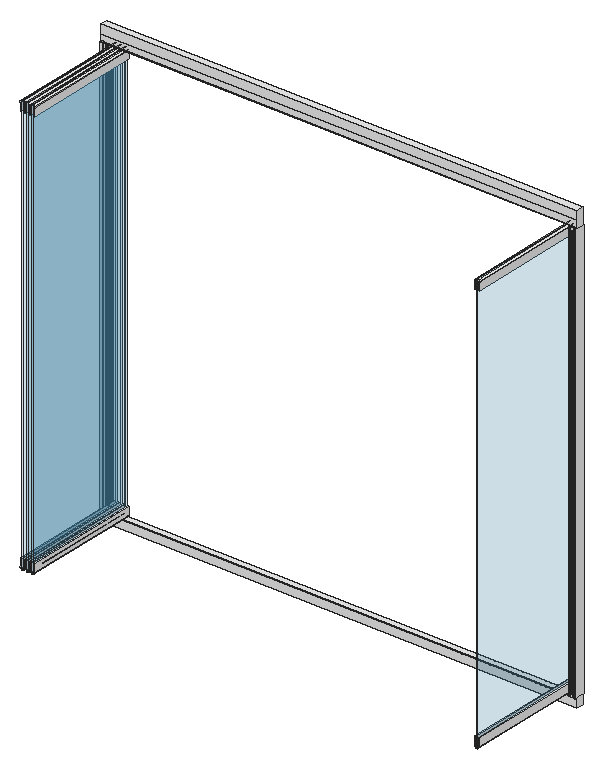
Revit family "98127", category Windows, host Wall, Revit 2018 (continued)
Definition of nested family "Sill_SL-25"
  Definition of nested family "Detail Item_Sill_SL-25"
    Lines and regions (in)
      model lines, in view "Ref. Level"
        curve 768: line (-0.49024, 1.47177, 0) -> (-0.51302, 1.47177, 0)
        curve 769: line (-0.51302, 1.47177, 0) -> (-0.49024, 1.47177, 0)
        curve 770: line (0.23029, 1.47177, 0) -> (0.22177, 1.47177, 0)
        curve 771: line (0.22177, 1.47177, 0) -> (0.23029, 1.47177, 0)
        curve 772: line (-0.74597, 1.67339, 0) -> (0.74597, 1.67339, 0)
        curve 773: line (-0.22177, 2.43952, 0) -> (0.22177, 2.43952, 0)
        curve 774: line (0.22177, 2.43952, 0) -> (-0.22177, 2.43952, 0)
        curve 775: line (-0.24194, 2.70161, 0) -> (-0.24194, 2.45968, 0)
        curve 776: line (-0.24194, 2.45968, 0) -> (-0.24194, 2.4326, 0)
        curve 777: line (0.3629, 1.75403, 0) -> (0.3629, 2.11694, 0)
        curve 778: line (0.3629, 2.11694, 0) -> (0.3629, 2.17742, 0)
        curve 779: line (0.3629, 2.17742, 0) -> (0.3629, 2.27822, 0)
        curve 780: line (0.3629, 2.27822, 0) -> (0.32869, 2.31244, 0)
        curve 781: line (0.32869, 2.31244, 0) -> (0.31686, 2.32427, 0)
        curve 782: line (0.31686, 2.32427, 0) -> (0.26556, 2.37557, 0)
        curve 783: line (0.26556, 2.37557, 0) -> (0.31083, 2.3303, 0)
        curve 784: line (0.24194, 2.70161, 0) -> (0.24194, 2.45968, 0)
        curve 785: line (0.24194, 2.45968, 0) -> (0.24194, 2.4326, 0)
        curve 786: line (0.2621, 1.14919, 0) -> (0.38306, 1.14919, 0)
        curve 787: line (0.38306, 1.14919, 0) -> (0.42507, 1.14919, 0)
        curve 788: line (0.42507, 1.14919, 0) -> (0.37603, 1.14919, 0)
        curve 789: line (0.37603, 1.14919, 0) -> (0.2621, 1.14919, 0)
        curve 790: line (-0.42363, 1.14919, 0) -> (-0.38306, 1.14919, 0)
        curve 791: line (-0.38306, 1.14919, 0) -> (-0.2621, 1.14919, 0)
        curve 792: line (-0.2621, 1.14919, 0) -> (-0.37593, 1.14919, 0)
        curve 793: line (-0.37593, 1.14919, 0) -> (-0.4223, 1.14919, 0)
        curve 794: line (0.49024, 1.47177, 0) -> (0.51302, 1.47177, 0)
        curve 795: line (0.51302, 1.47177, 0) -> (0.49024, 1.47177, 0)
        curve 796: line (0.47016, 1.45337, 0) -> (0.44516, 1.1676, 0)
        curve 797: line (-0.47016, 1.45337, 0) -> (-0.44516, 1.1676, 0)
        curve 798: line (-0.3629, 1.75403, 0) -> (-0.3629, 2.11694, 0)
        curve 799: line (-0.3629, 2.11694, 0) -> (-0.3629, 2.17742, 0)
        curve 800: line (-0.3629, 2.17742, 0) -> (-0.3629, 2.27822, 0)
        curve 801: line (-0.3629, 2.27822, 0) -> (-0.32869, 2.31244, 0)
        curve 802: line (-0.32869, 2.31244, 0) -> (-0.31686, 2.32427, 0)
        curve 803: line (-0.31686, 2.32427, 0) -> (-0.26556, 2.37557, 0)
        curve 804: line (-0.26556, 2.37557, 0) -> (-0.3141, 2.32703, 0)
        curve 805: line (0.76613, 1.65323, 0) -> (0.76613, 1.49194, 0)
        curve 806: line (0.76613, 1.49194, 0) -> (0.76613, 1.65323, 0)
        curve 807: line (-0.76613, 1.65323, 0) -> (-0.76613, 1.49194, 0)
        curve 808: line (-0.76613, 1.49194, 0) -> (-0.76613, 1.65323, 0)
        curve 809: line (-0.24194, 1.45161, 0) -> (-0.24194, 1.16935, 0)
        curve 810: line (-0.24194, 1.16935, 0) -> (-0.24194, 1.45161, 0)
        curve 811: line (0.24194, 1.16935, 0) -> (0.24194, 1.45161, 0)
        curve 812: line (0.32006, 1.875, 0) -> (0.32006, 2.27804, 0)
        curve 813: line (-0.32006, 1.875, 0) -> (-0.32006, 2.27823, 0)
        curve 814: line (0.24194, 2.72177, 0) -> (0.02095, 2.72177, 0)
        curve 815: line (0.02095, 2.72177, 0) -> (0, 2.73387, 0)
        curve 816: line (0, 2.73387, 0) -> (-0.02095, 2.72177, 0)
        curve 817: line (-0.02095, 2.72177, 0) -> (0.02095, 2.72177, 0)
        curve 818: line (0.02095, 2.72177, 0) -> (-0.02095, 2.72177, 0)
        curve 819: line (-0.02095, 2.72177, 0) -> (-0.28226, 2.72177, 0)
        curve 820: line (-0.44355, 2.64113, 0) -> (-0.44355, 2.7621, 0)
        curve 821: line (-0.44355, 2.7621, 0) -> (-0.3629, 2.84274, 0)
        curve 822: line (-0.3629, 2.84274, 0) -> (-0.3629, 3.0234, 0)
        curve 823: line (-0.3629, 3.0234, 0) -> (-0.35081, 3.04435, 0)
        curve 824: line (-0.35081, 3.04435, 0) -> (-0.3629, 3.06531, 0)
        curve 825: line (-0.3629, 3.06531, 0) -> (-0.3629, 3.24597, 0)
        curve 826: line (-0.3629, 3.24597, 0) -> (-0.44355, 3.32661, 0)
        curve 827: line (-0.44355, 3.32661, 0) -> (-0.44355, 3.44758, 0)
        curve 828: line (-0.42339, 3.46774, 0) -> (-0.38306, 3.46774, 0)
        curve 829: line (-0.32258, 3.36694, 0) -> (-0.02095, 3.36694, 0)
        curve 830: line (-0.02095, 3.36694, 0) -> (0, 3.35484, 0)
        curve 831: line (0, 3.35484, 0) -> (0.02095, 3.36694, 0)
        curve 832: line (0.02095, 3.36694, 0) -> (0.24194, 3.36694, 0)
        curve 833: line (0.30242, 0.875, 0) -> (0.30242, 0.47177, 0)
        curve 834: line (0.30242, 0.47177, 0) -> (-0.30242, 0.47177, 0)
        curve 835: line (-0.30242, 0.47177, 0) -> (-0.30242, 0.875, 0)
        curve 836: line (-0.16129, 0.97581, 0) -> (-0.16129, 1.19758, 0)
        curve 837: line (-0.15947, 1.19758, 0) -> (-0.15947, 1.27823, 0)
        curve 838: line (-0.15947, 1.27823, 0) -> (0, 1.27823, 0)
        curve 839: line (0, 1.27823, 0) -> (0.15947, 1.27823, 0)
        curve 840: line (0.15947, 1.27823, 0) -> (0.15947, 1.19758, 0)
        curve 841: line (-0.13904, 1.29839, 0) -> (0.13904, 1.29839, 0)
        curve 842: line (0.16129, 1.19758, 0) -> (0.16129, 0.97581, 0)
        curve 843: line (0.16129, 1.47177, 0) -> (0.16129, 1.19758, 0)
        curve 844: line (-0.16129, 1.47177, 0) -> (-0.16129, 1.19758, 0)
        curve 845: line (-0.53427, 0.97581, 0) -> (-0.53427, 0.875, 0)
        curve 846: line (-0.53427, 0.875, 0) -> (0.53427, 0.875, 0)
        curve 847: line (0.53427, 0.875, 0) -> (0.53427, 0.97581, 0)
        curve 848: line (0.53427, 0.97581, 0) -> (-0.53427, 0.97581, 0)
        curve 849: line (0.11895, 0.43548, 0) -> (0.13105, 0.44758, 0)
        curve 850: line (0.13105, 0.44758, 0) -> (-0.13105, 0.44758, 0)
        curve 851: line (-0.13105, 0.44758, 0) -> (-0.11895, 0.43548, 0)
        curve 852: line (-0.11895, 0.43548, 0) -> (0.11895, 0.43548, 0)
        curve 853: line (-0.13105, 0.44758, 0) -> (-0.15524, 0.47177, 0)
        curve 854: line (0.13105, 0.44758, 0) -> (0.15524, 0.47177, 0)
        curve 855: line (0.74597, 1.47177, 0) -> (-0.74597, 1.47177, 0)
        curve 856: line (0.28226, 3.24597, 0) -> (0.28226, 3.26613, 0)
Definition of nested family "DetailItem_Panel"
  Parameters
    Panel Thickness = 0' - 1 3/4"
    Panel Width = 2' - 5 135/256"
    Assembly Code = ""
  Reference planes (in)
    plane 1 "Center (Front/Back)": y = -1.66017
    plane 2: z = 0
    plane 3 "Center (Left/Right)": x = 0.04527
    plane 4 "Right": x = 0.92027
    plane 5: x = -0.82973
    plane 6 "Back": y = 13.10351
    plane 7: y = -16.42384
  Lines and regions (in)
    detail lines, in view "Ref. Level"
      curve 1: line (-0.82973, 13.10351, 0) -> (-0.82973, -16.42384, 0)
      curve 2: line (-0.82973, 13.10351, 0) -> (0.92027, 13.10351, 0)
      curve 3: line (0.92027, 13.10351, 0) -> (0.92027, -16.42384, 0)
      curve 4: line (-0.82973, -16.42384, 0) -> (0.92027, -16.42384, 0)
  Dimensions and locks (in)
    equal spacing: plane 5, plane 3 "Center (Left/Right)", plane 4 "Right"
    "Panel Thickness": plane 5 to plane 4 "Right"
    equal spacing: plane 6 "Back", plane 1 "Center (Front/Back)", plane 7
    "Panel Width": plane 6 "Back" to plane 7
    aligned and locked: curve 1 to plane 5
    aligned and locked: curve 2 to plane 6 "Back"
    aligned and locked: curve 3 to plane 4 "Right"
    aligned and locked: curve 4 to plane 7
Types (2): name | Assembly Code
  (no name) | "B2030110"
  Standard | "C1010.2010"
